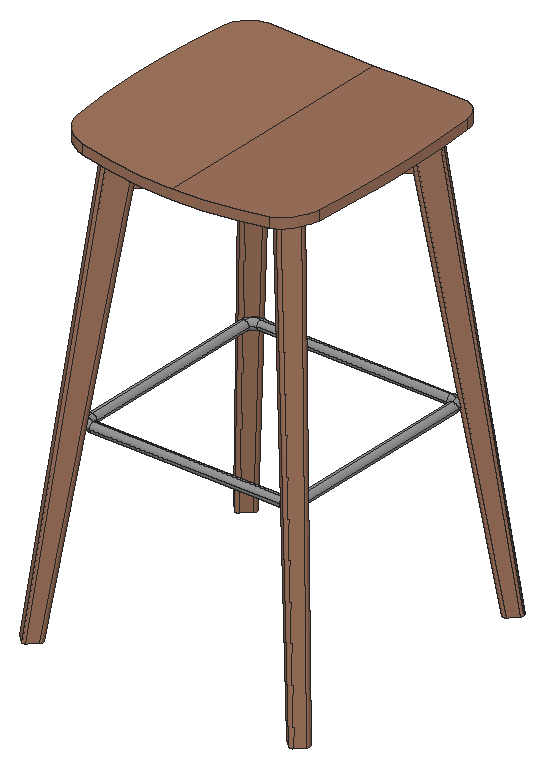
Revit family "FU_Stool_Sandler_Hellen SG01", category Furniture, Revit 2020
Family settings
  OmniClass Number = 23.40.20.00
  OmniClass Title = General Furniture and Specialties
  Work Plane-Based = No
  Always vertical = Yes
  Cut with Voids When Loaded = No
  Shared = No
  Room Calculation Point = No
Parameters (values of type "Hellen SG 01")
  Width = 455 mm
  URL = "https://www.sandlerseating.com/product/hellen-sg01/"
  Model = "Hellen SG 01"
  Manufacturer = "Sandler"
  Height = 715 mm
  Frame [instance] = Wood - Beech - Cherry Wood - V
  Description = "Stool  on a solid beech frame fitted with a stainless steel footrest."
  Depth = 455 mm
  Default Elevation = 0 mm
Reference planes
  plane 1 "Center (Front/Back)": y = 0
  plane 2: z = 0
  plane 3 "Center (Left/Right)": x = 0
  plane 4 "Right": x = -227.5
  plane 5 "Left": x = 227.5
  plane 6 "Back": y = 227.5
  plane 7 "Front": y = -227.5
  plane 8 "Height": z = 715
  plane 9 "Frame Base": z = 630.935
  plane 10 "FLL FRONT": through (210.681, -1524, 0) normal (-0.9934, 0, -0.115)
  plane 11 "FL RIGHT": through (4267.2, -210.681, 0) normal (0, -0.9934, 0.115)
  plane 12 "Footrest RIGHT": z = 297.885
  plane 13 "seat base": z = 685.425
Forms (mm)
  SweptBlend 1, solid, material "Wood - Beech - Cherry Wood - V" <- "Frame"
    path origin (0, -207.895, 24.067) x (0, -0.115, -0.993366) y (1, 0, 0)
      loop
        line (31.02, 211.473) -> (-681.003, 128.529)
    profile origin (211.473, -211.462, -6.747) x (-0.993283, -0.013306, -0.114941) y (0, -0.993366, 0.115)
      loop
        arc (16.658, -4.024) -> (18.122, -0.399) -> (16.528, 3.172) r 5
        line (16.528, 3.172) -> (4.046, 14.786)
        arc (4.046, 14.786) -> (0.55, 16.125) -> (-2.896, 14.661) r 5
        line (-2.896, 14.661) -> (-14.55, 3.007)
        arc (-14.55, 3.007) -> (-16.012, -0.393) -> (-14.736, -3.868) r 5
        line (-14.736, -3.868) -> (-3.338, -16.568)
        arc (-3.338, -16.568) -> (0.248, -18.227) -> (3.918, -16.764) r 5
        line (3.918, -16.764) -> (16.658, -4.024)
    end profile origin (128.529, -129.58, 700.552) x (-0.993283, -0.013306, -0.114941) y (0, -0.993366, 0.115)
      loop
        arc (22.745, -5.755) -> (24.21, -2.22) -> (22.745, 1.316) r 5
        line (22.745, 1.316) -> (-2.013, 26.074)
        arc (-2.013, 26.074) -> (-5.646, 27.537) -> (-9.22, 25.933) r 5
        line (-9.22, 25.933) -> (-26.537, 7.202)
        arc (-26.537, 7.202) -> (-27.864, 3.709) -> (-26.401, 0.272) r 5
        line (-26.401, 0.272) -> (-2.35, -23.779)
        arc (-2.35, -23.779) -> (1.186, -25.244) -> (4.721, -23.779) r 5
        line (4.721, -23.779) -> (22.745, -5.755)
  SweptBlend 2, solid, material "Wood - Beech - Cherry Wood - V" <- "Frame"
    path origin (0, -207.895, 24.067) x (0, -0.115, -0.993366) y (-1, 0, 0)
      loop
        line (31.02, 211.473) -> (-681.003, 128.529)
    profile origin (-211.473, -211.462, -6.747) x (-0.993283, 0.013306, 0.114941) y (0, -0.993366, 0.115)
      loop
        line (-16.658, -4.024) -> (-3.918, -16.764)
        arc (-3.918, -16.764) -> (-0.248, -18.227) -> (3.338, -16.568) r 5
        line (3.338, -16.568) -> (14.736, -3.868)
        arc (14.736, -3.868) -> (16.012, -0.393) -> (14.55, 3.007) r 5
        line (14.55, 3.007) -> (2.896, 14.661)
        arc (2.896, 14.661) -> (-0.55, 16.125) -> (-4.046, 14.786) r 5
        line (-4.046, 14.786) -> (-16.528, 3.172)
        arc (-16.528, 3.172) -> (-18.122, -0.399) -> (-16.658, -4.024) r 5
    end profile origin (-128.529, -129.58, 700.552) x (-0.993283, 0.013306, 0.114941) y (0, -0.993366, 0.115)
      loop
        line (-22.745, -5.755) -> (-4.721, -23.779)
        arc (-4.721, -23.779) -> (-1.186, -25.244) -> (2.35, -23.779) r 5
        line (2.35, -23.779) -> (26.401, 0.272)
        arc (26.401, 0.272) -> (27.864, 3.709) -> (26.537, 7.202) r 5
        line (26.537, 7.202) -> (9.22, 25.933)
        arc (9.22, 25.933) -> (5.646, 27.537) -> (2.013, 26.074) r 5
        line (2.013, 26.074) -> (-22.745, 1.316)
        arc (-22.745, 1.316) -> (-24.21, -2.22) -> (-22.745, -5.755) r 5
  SweptBlend 3, solid, material "Wood - Beech - Cherry Wood - V" <- "Frame"
    path origin (0, 207.895, 24.067) x (0, 0.115, -0.993366) y (-1, 0, 0)
      loop
        line (31.02, -211.473) -> (-681.003, -128.529)
    profile origin (211.473, 211.462, -6.747) x (0.993283, -0.013306, 0.114941) y (0, 0.993366, 0.115)
      loop
        line (-16.658, -4.024) -> (-3.918, -16.764)
        arc (-3.918, -16.764) -> (-0.248, -18.227) -> (3.338, -16.568) r 5
        line (3.338, -16.568) -> (14.736, -3.868)
        arc (14.736, -3.868) -> (16.012, -0.393) -> (14.55, 3.007) r 5
        line (14.55, 3.007) -> (2.896, 14.661)
        arc (2.896, 14.661) -> (-0.55, 16.125) -> (-4.046, 14.786) r 5
        line (-4.046, 14.786) -> (-16.528, 3.172)
        arc (-16.528, 3.172) -> (-18.122, -0.399) -> (-16.658, -4.024) r 5
    end profile origin (128.529, 129.58, 700.552) x (0.993283, -0.013306, 0.114941) y (0, 0.993366, 0.115)
      loop
        line (-22.745, -5.755) -> (-4.721, -23.779)
        arc (-4.721, -23.779) -> (-1.186, -25.244) -> (2.35, -23.779) r 5
        line (2.35, -23.779) -> (26.401, 0.272)
        arc (26.401, 0.272) -> (27.864, 3.709) -> (26.537, 7.202) r 5
        line (26.537, 7.202) -> (9.22, 25.933)
        arc (9.22, 25.933) -> (5.646, 27.537) -> (2.013, 26.074) r 5
        line (2.013, 26.074) -> (-22.745, 1.316)
        arc (-22.745, 1.316) -> (-24.21, -2.22) -> (-22.745, -5.755) r 5
  SweptBlend 4, solid, material "Wood - Beech - Cherry Wood - V" <- "Frame"
    path origin (0, 207.895, 24.067) x (0, 0.115, -0.993366) y (-1, 0, 0)
      loop
        line (31.02, 211.473) -> (-681.003, 128.529)
    profile origin (-211.473, 211.462, -6.747) x (0.993283, 0.013306, -0.114941) y (0, 0.993366, 0.115)
      loop
        arc (16.658, -4.024) -> (18.122, -0.399) -> (16.528, 3.172) r 5
        line (16.528, 3.172) -> (4.046, 14.786)
        arc (4.046, 14.786) -> (0.55, 16.125) -> (-2.896, 14.661) r 5
        line (-2.896, 14.661) -> (-14.55, 3.007)
        arc (-14.55, 3.007) -> (-16.012, -0.393) -> (-14.736, -3.868) r 5
        line (-14.736, -3.868) -> (-3.338, -16.568)
        arc (-3.338, -16.568) -> (0.248, -18.227) -> (3.918, -16.764) r 5
        line (3.918, -16.764) -> (16.658, -4.024)
    end profile origin (-128.529, 129.58, 700.552) x (0.993283, 0.013306, -0.114941) y (0, 0.993366, 0.115)
      loop
        arc (22.745, -5.755) -> (24.21, -2.22) -> (22.745, 1.316) r 5
        line (22.745, 1.316) -> (-2.013, 26.074)
        arc (-2.013, 26.074) -> (-5.646, 27.537) -> (-9.22, 25.933) r 5
        line (-9.22, 25.933) -> (-26.537, 7.202)
        arc (-26.537, 7.202) -> (-27.864, 3.709) -> (-26.401, 0.272) r 5
        line (-26.401, 0.272) -> (-2.35, -23.779)
        arc (-2.35, -23.779) -> (1.186, -25.244) -> (4.721, -23.779) r 5
        line (4.721, -23.779) -> (22.745, -5.755)
  Extrusion 5, solid, material "Wood - Beech - Cherry Wood - V" <- "Frame"
    sketch origin (0, 0, 630.935) x (-1, 0, 0) y (0, -1, 0)
      loop
        line (119.438, -135.526) -> (135.526, -119.438) -> (16.088, 0) -> (135.526, 119.438) -> (119.438, 135.526) -> (0, 16.088) -> (-119.438, 135.526) -> (-135.526, 119.438) -> (-16.088, 0) -> (-135.526, -119.438) -> (-119.438, -135.526) -> (0, -16.088) -> (119.438, -135.526)
    from 0 to 66.334
  Sweep 6, solid, material "Metal - Steel - Polished"
    path origin (0, 0, 297.885) x (0, -1, 0) y (1, 0, 0)
      loop
        arc (164.409, 149.409) -> (160.015, 160.015) -> (149.409, 164.409) r 15
        line (149.409, 164.409) -> (-149.409, 164.409)
        arc (-149.409, 164.409) -> (-160.015, 160.015) -> (-164.409, 149.409) r 15
        line (-164.409, 149.409) -> (-164.409, -149.409)
        arc (-164.409, -149.409) -> (-160.015, -160.015) -> (-149.409, -164.409) r 15
        line (-149.409, -164.409) -> (149.409, -164.409)
        arc (149.409, -164.409) -> (160.015, -160.015) -> (164.409, -149.409) r 15
        line (164.409, -149.409) -> (164.409, 149.409)
    profile "Pro_Circles : 15mm" origin (0, -164.409, 297.885) x (0, -1, 0) y (0, 0, 1)
      loop
        arc (-7.467, 0.067) -> (-5.347, -5.252) -> (-0.067, -7.467) r 7.401
        arc (-0.067, -7.467) -> (5.3, -5.301) -> (7.467, 0.067) r 7.402
        arc (7.467, 0.067) -> (5.252, 5.347) -> (-0.067, 7.467) r 7.401
        arc (-0.067, 7.467) -> (-5.299, 5.299) -> (-7.467, 0.067) r 7.4
  Sweep 7, solid, material "Wood - Beech - Cherry Wood - V" <- "Frame"
    path origin (0, 0, 0) x (0, 1, 0) y (0, 0, 1)
      loop
        line (-227.5, 685.425) -> (227.5, 685.425)
    profile "Pro_Plus_SeatFront : Pro_Plus_SeatFront" origin (0, 0, 685.425) x (0, 0, 1) y (1, 0, 0)
      loop
        arc (0, 0) -> (6.343, -128.159) -> (25.737, -255) r 1255.285
        line (25.737, -255) -> (40.253, -255)
        arc (40.253, -255) -> (21.697, -128.096) -> (15.33, 0) r 1342.99
        arc (15.33, 0) -> (21.697, 128.096) -> (40.253, 255) r 1342.99
        line (40.253, 255) -> (25.737, 255)
        arc (25.737, 255) -> (6.343, 128.159) -> (0, 0) r 1255.285
  Extrusion 8, void
    sketch origin (0, 0, 297.885) x (0, -1, 0) y (1, 0, 0)
      loop
        arc (-189.067, -146.19) -> (-174.594, -175.751) -> (-144.882, -189.912) r 50
        arc (-144.882, -189.912) -> (0, -197.84) -> (144.882, -189.912) r 1327.714
        arc (144.882, -189.912) -> (174.594, -175.751) -> (189.067, -146.19) r 50
        arc (189.067, -146.19) -> (197.84, 0) -> (189.067, 146.19) r 1222.391
        arc (189.067, 146.19) -> (174.594, 175.751) -> (144.882, 189.912) r 50
        arc (144.882, 189.912) -> (0, 197.84) -> (-144.882, 189.912) r 1327.714
        arc (-144.882, 189.912) -> (-174.594, 175.751) -> (-189.067, 146.19) r 50
        arc (-189.067, 146.19) -> (-197.84, 0) -> (-189.067, -146.19) r 1222.391
      loop
        line (-238.252, -267.893) -> (236.748, -267.893) -> (236.748, 267.107) -> (-238.252, 267.107) -> (-238.252, -267.893)
    from 374.415 to 442.612
  Extrusion 9, void
    sketch origin (0, 0, 0) x (1, 0, 0) y (0, 1, 0)
      loop
        line (-230, 230) -> (-230, -230) -> (230, -230) -> (230, 230) -> (-230, 230)
    from -15 to 0
Cuts and joins
  Extrusion 8 cuts Sweep 7
  Extrusion 9 cuts SweptBlend 2
  Extrusion 9 cuts SweptBlend 1
  Extrusion 9 cuts SweptBlend 4
  Extrusion 9 cuts SweptBlend 3
Dimensions and locks
  equal spacing: plane 4 "Right", plane 3 "Center (Left/Right)", plane 5 "Left"
  "Width": plane 4 "Right" to plane 5 "Left"
  equal spacing: plane 6 "Back", plane 1 "Center (Front/Back)", plane 7 "Front"
  "Depth": plane 6 "Back" to plane 7 "Front"
  "Height": plane 8 "Height" to level
  plane 9 "Frame Base" to level = 630.935 mm
  aligned and locked: level to plane 2
Automatic sketch dimensions
  plane 5 "Left" to SweptBlend 1 sketch curve = 98.971 mm
  plane 5 "Left" to SweptBlend 1 sketch curve = 16.027 mm
  SweptBlend 1 sketch curve to SweptBlend 1 sketch curve = 712.023 mm
  SweptBlend 1 sketch curve to plane 11 "FL RIGHT" = 3.868 mm
  profile plane to SweptBlend 1 sketch curve = 14.736 mm
  plane 11 "FL RIGHT" to SweptBlend 1 sketch curve = 3.007 mm
  SweptBlend 1 sketch curve to SweptBlend 1 sketch curve = 0.186 mm
  SweptBlend 1 sketch curve to plane 11 "FL RIGHT" = 0.528 mm
  profile plane to SweptBlend 1 sketch curve = 3.338 mm
  profile plane to SweptBlend 1 sketch curve = 2.896 mm
  SweptBlend 1 sketch curve to profile plane = 0.383 mm
  SweptBlend 1 sketch curve to profile plane = 0.64 mm
  SweptBlend 1 sketch curve to profile plane = 3.918 mm
  SweptBlend 1 sketch curve to profile plane = 4.046 mm
  SweptBlend 1 sketch curve to plane 11 "FL RIGHT" = 0.489 mm
  SweptBlend 1 sketch curve to profile plane = 13.122 mm
  plane 11 "FL RIGHT" to SweptBlend 1 sketch curve = 3.172 mm
  SweptBlend 1 sketch curve to SweptBlend 1 sketch curve = 3.406 mm
  SweptBlend 1 sketch curve to plane 11 "FL RIGHT" = 4.024 mm
  SweptBlend 1 sketch curve to plane 11 "FL RIGHT" = 13.228 mm
  SweptBlend 1 sketch curve to SweptBlend 1 sketch curve = 3.339 mm
  plane 11 "FL RIGHT" to SweptBlend 1 sketch curve = 11.126 mm
  SweptBlend 1 sketch curve to SweptBlend 1 sketch curve = 3.536 mm  (x3)
  plane 11 "FL RIGHT" to SweptBlend 1 sketch curve = 7.202 mm
  profile plane to SweptBlend 1 sketch curve = 26.537 mm
  plane 11 "FL RIGHT" to SweptBlend 1 sketch curve = 0.272 mm
  SweptBlend 1 sketch curve to SweptBlend 1 sketch curve = 0.136 mm
  plane 11 "FL RIGHT" to SweptBlend 1 sketch curve = 3.807 mm
  profile plane to SweptBlend 1 sketch curve = 9.22 mm
  SweptBlend 1 sketch curve to SweptBlend 1 sketch curve = 3.671 mm
  profile plane to SweptBlend 1 sketch curve = 2.35 mm
  profile plane to SweptBlend 1 sketch curve = 2.013 mm
  SweptBlend 1 sketch curve to profile plane = 1.186 mm
  SweptBlend 1 sketch curve to profile plane = 4.721 mm
  SweptBlend 1 sketch curve to plane 11 "FL RIGHT" = 2.22 mm
  SweptBlend 1 sketch curve to profile plane = 19.21 mm
  plane 11 "FL RIGHT" to SweptBlend 1 sketch curve = 1.316 mm
  SweptBlend 1 sketch curve to plane 11 "FL RIGHT" = 5.755 mm
  SweptBlend 1 sketch curve to plane 11 "FL RIGHT" = 20.244 mm
  plane 11 "FL RIGHT" to SweptBlend 1 sketch curve = 22.538 mm
  SweptBlend 1 sketch curve to SweptBlend 1 sketch curve = 3.394 mm
  plane 4 "Right" to SweptBlend 2 sketch curve = 98.971 mm
  plane 4 "Right" to SweptBlend 2 sketch curve = 16.027 mm
  SweptBlend 2 sketch curve to SweptBlend 2 sketch curve = 712.023 mm
  SweptBlend 2 sketch curve to plane 11 "FL RIGHT" = 4.024 mm
  profile plane to SweptBlend 2 sketch curve = 16.658 mm
  plane 11 "FL RIGHT" to SweptBlend 2 sketch curve = 3.172 mm
  SweptBlend 2 sketch curve to SweptBlend 2 sketch curve = 0.13 mm
  SweptBlend 2 sketch curve to plane 11 "FL RIGHT" = 0.489 mm
  profile plane to SweptBlend 2 sketch curve = 4.046 mm
  profile plane to SweptBlend 2 sketch curve = 3.918 mm
  profile plane to SweptBlend 2 sketch curve = 0.64 mm
  profile plane to SweptBlend 2 sketch curve = 0.383 mm
  SweptBlend 2 sketch curve to profile plane = 2.896 mm
  SweptBlend 2 sketch curve to profile plane = 3.338 mm
  SweptBlend 2 sketch curve to plane 11 "FL RIGHT" = 0.528 mm
  SweptBlend 2 sketch curve to profile plane = 11.014 mm
  plane 11 "FL RIGHT" to SweptBlend 2 sketch curve = 3.007 mm
  SweptBlend 2 sketch curve to SweptBlend 2 sketch curve = 3.536 mm  (x6)
  SweptBlend 2 sketch curve to plane 11 "FL RIGHT" = 3.868 mm
  SweptBlend 2 sketch curve to plane 11 "FL RIGHT" = 13.228 mm
  SweptBlend 2 sketch curve to SweptBlend 2 sketch curve = 3.339 mm
  plane 11 "FL RIGHT" to SweptBlend 2 sketch curve = 11.126 mm
  SweptBlend 2 sketch curve to plane 11 "FL RIGHT" = 5.755 mm
  profile plane to SweptBlend 2 sketch curve = 22.745 mm
  plane 11 "FL RIGHT" to SweptBlend 2 sketch curve = 1.316 mm
  SweptBlend 2 sketch curve to SweptBlend 2 sketch curve = 0 mm
  profile plane to SweptBlend 2 sketch curve = 4.721 mm
  profile plane to SweptBlend 2 sketch curve = 1.186 mm
  SweptBlend 2 sketch curve to profile plane = 2.013 mm
  SweptBlend 2 sketch curve to profile plane = 2.35 mm
  SweptBlend 2 sketch curve to SweptBlend 2 sketch curve = 3.671 mm
  plane 11 "FL RIGHT" to SweptBlend 2 sketch curve = 3.807 mm
  SweptBlend 2 sketch curve to profile plane = 22.865 mm
  plane 11 "FL RIGHT" to SweptBlend 2 sketch curve = 0.272 mm
  plane 11 "FL RIGHT" to SweptBlend 2 sketch curve = 7.202 mm
  SweptBlend 2 sketch curve to plane 11 "FL RIGHT" = 20.244 mm
  plane 11 "FL RIGHT" to SweptBlend 2 sketch curve = 22.538 mm
  SweptBlend 2 sketch curve to SweptBlend 2 sketch curve = 3.394 mm
  plane 5 "Left" to SweptBlend 3 sketch curve = 98.971 mm
  plane 5 "Left" to SweptBlend 3 sketch curve = 16.027 mm
  SweptBlend 3 sketch curve to SweptBlend 3 sketch curve = 712.023 mm
  SweptBlend 3 sketch curve to profile plane = 4.024 mm
  profile plane to SweptBlend 3 sketch curve = 16.658 mm
  profile plane to SweptBlend 3 sketch curve = 3.172 mm
  SweptBlend 3 sketch curve to SweptBlend 3 sketch curve = 0.13 mm
  SweptBlend 3 sketch curve to profile plane = 0.489 mm
  profile plane to SweptBlend 3 sketch curve = 4.046 mm
  profile plane to SweptBlend 3 sketch curve = 3.918 mm
  profile plane to SweptBlend 3 sketch curve = 0.64 mm
  profile plane to SweptBlend 3 sketch curve = 0.383 mm
  SweptBlend 3 sketch curve to profile plane = 2.896 mm
  SweptBlend 3 sketch curve to profile plane = 3.338 mm
  SweptBlend 3 sketch curve to profile plane = 0.528 mm
  SweptBlend 3 sketch curve to profile plane = 11.014 mm
  profile plane to SweptBlend 3 sketch curve = 3.007 mm
  SweptBlend 3 sketch curve to SweptBlend 3 sketch curve = 3.536 mm  (x6)
  SweptBlend 3 sketch curve to profile plane = 3.868 mm
  SweptBlend 3 sketch curve to profile plane = 13.228 mm
  SweptBlend 3 sketch curve to SweptBlend 3 sketch curve = 3.339 mm
  profile plane to SweptBlend 3 sketch curve = 11.126 mm
  SweptBlend 3 sketch curve to profile plane = 5.755 mm
  profile plane to SweptBlend 3 sketch curve = 22.745 mm
  profile plane to SweptBlend 3 sketch curve = 1.316 mm
  SweptBlend 3 sketch curve to SweptBlend 3 sketch curve = 0 mm
  profile plane to SweptBlend 3 sketch curve = 4.721 mm
  profile plane to SweptBlend 3 sketch curve = 1.186 mm
  SweptBlend 3 sketch curve to profile plane = 2.013 mm
  SweptBlend 3 sketch curve to profile plane = 2.35 mm
  SweptBlend 3 sketch curve to SweptBlend 3 sketch curve = 3.671 mm
  profile plane to SweptBlend 3 sketch curve = 3.807 mm
  SweptBlend 3 sketch curve to profile plane = 22.865 mm
  profile plane to SweptBlend 3 sketch curve = 0.272 mm
  profile plane to SweptBlend 3 sketch curve = 7.202 mm
  SweptBlend 3 sketch curve to profile plane = 20.244 mm
  profile plane to SweptBlend 3 sketch curve = 22.538 mm
  SweptBlend 3 sketch curve to SweptBlend 3 sketch curve = 3.394 mm
  SweptBlend 4 sketch curve to plane 4 "Right" = 98.971 mm
  SweptBlend 4 sketch curve to plane 4 "Right" = 16.027 mm
  SweptBlend 4 sketch curve to SweptBlend 4 sketch curve = 712.023 mm
  SweptBlend 4 sketch curve to profile plane = 3.868 mm
  profile plane to SweptBlend 4 sketch curve = 14.736 mm
  profile plane to SweptBlend 4 sketch curve = 3.007 mm
  SweptBlend 4 sketch curve to SweptBlend 4 sketch curve = 0.186 mm
  SweptBlend 4 sketch curve to profile plane = 0.528 mm
  profile plane to SweptBlend 4 sketch curve = 3.338 mm
  profile plane to SweptBlend 4 sketch curve = 2.896 mm
  SweptBlend 4 sketch curve to profile plane = 0.383 mm
  SweptBlend 4 sketch curve to profile plane = 0.64 mm
  SweptBlend 4 sketch curve to profile plane = 3.918 mm
  SweptBlend 4 sketch curve to profile plane = 4.046 mm
  SweptBlend 4 sketch curve to profile plane = 0.489 mm
  SweptBlend 4 sketch curve to profile plane = 13.122 mm
  profile plane to SweptBlend 4 sketch curve = 3.172 mm
  SweptBlend 4 sketch curve to SweptBlend 4 sketch curve = 3.406 mm
  SweptBlend 4 sketch curve to profile plane = 4.024 mm
  SweptBlend 4 sketch curve to profile plane = 13.228 mm
  SweptBlend 4 sketch curve to SweptBlend 4 sketch curve = 3.339 mm
  profile plane to SweptBlend 4 sketch curve = 11.126 mm
  SweptBlend 4 sketch curve to SweptBlend 4 sketch curve = 3.536 mm  (x3)
  profile plane to SweptBlend 4 sketch curve = 7.202 mm
  profile plane to SweptBlend 4 sketch curve = 26.537 mm
  profile plane to SweptBlend 4 sketch curve = 0.272 mm
  SweptBlend 4 sketch curve to SweptBlend 4 sketch curve = 0.136 mm
  profile plane to SweptBlend 4 sketch curve = 3.807 mm
  profile plane to SweptBlend 4 sketch curve = 9.22 mm
  SweptBlend 4 sketch curve to SweptBlend 4 sketch curve = 3.671 mm
  profile plane to SweptBlend 4 sketch curve = 2.35 mm
  profile plane to SweptBlend 4 sketch curve = 2.013 mm
  SweptBlend 4 sketch curve to profile plane = 1.186 mm
  SweptBlend 4 sketch curve to profile plane = 4.721 mm
  SweptBlend 4 sketch curve to profile plane = 2.22 mm
  SweptBlend 4 sketch curve to profile plane = 19.21 mm
  profile plane to SweptBlend 4 sketch curve = 1.316 mm
  SweptBlend 4 sketch curve to profile plane = 5.755 mm
  SweptBlend 4 sketch curve to profile plane = 20.244 mm
  profile plane to SweptBlend 4 sketch curve = 22.538 mm
  SweptBlend 4 sketch curve to SweptBlend 4 sketch curve = 3.394 mm
  plane 1 "Center (Front/Back)" to Extrusion 5 sketch curve = 0 mm  (x2)
  Extrusion 5 sketch curve to plane 3 "Center (Left/Right)" = 0 mm  (x2)
  plane 3 "Center (Left/Right)" to Extrusion 5 sketch curve = 16.088 mm
  plane 5 "Left" to Extrusion 5 sketch curve = 108.062 mm  (x2)
  Extrusion 5 sketch curve to Extrusion 5 sketch curve = 16.088 mm  (x3)
  Extrusion 5 sketch curve to plane 3 "Center (Left/Right)" = 16.088 mm
  Extrusion 5 sketch curve to plane 4 "Right" = 108.062 mm
  Extrusion 5 sketch curve to plane 6 "Back" = 91.974 mm
  Sweep 6 sketch curve to plane 6 "Back" = 63.091 mm
  Sweep 6 sketch curve to Sweep 6 sketch curve = 15 mm  (x3)
  plane 7 "Front" to Sweep 6 sketch curve = 78.091 mm  (x2)
  Sweep 6 sketch curve to plane 4 "Right" = 63.091 mm
  plane 5 "Left" to Sweep 6 sketch curve = 78.091 mm
  Sweep 7 sketch curve to plane 7 "Front" = 0 mm
  Sweep 7 sketch curve to plane 6 "Back" = 0 mm
  Sweep 7 sketch curve to plane 13 "seat base" = 0 mm
  Extrusion 8 sketch curve to plane 3 "Center (Left/Right)" = 0 mm  (x2)
  plane 1 "Center (Front/Back)" to Extrusion 8 sketch curve = 0 mm  (x2)
  Extrusion 8 sketch curve to plane 6 "Back" = 88.074 mm  (x2)
  plane 6 "Back" to Extrusion 8 sketch curve = 10.752 mm
  plane 6 "Back" to Extrusion 8 sketch curve = 797.052 mm
  plane 7 "Front" to Extrusion 8 sketch curve = 88.074 mm  (x2)
  Extrusion 8 sketch curve to plane 7 "Front" = 9.248 mm
  Extrusion 8 sketch curve to plane 7 "Front" = 797.052 mm
  Extrusion 8 sketch curve to plane 4 "Right" = 87.29 mm  (x2)
  plane 4 "Right" to Extrusion 8 sketch curve = 40.393 mm
  Extrusion 8 sketch curve to Extrusion 8 sketch curve = 861.981 mm
  plane 5 "Left" to Extrusion 8 sketch curve = 87.29 mm  (x2)
  Extrusion 8 sketch curve to plane 5 "Left" = 39.607 mm
  Extrusion 8 sketch curve to Extrusion 8 sketch curve = 862.766 mm
  plane 5 "Left" to Extrusion 8 sketch curve = 37.588 mm
  Extrusion 8 sketch curve to plane 4 "Right" = 37.588 mm
  Extrusion 8 sketch curve to Extrusion 8 sketch curve = 0 mm  (x6)
  plane 4 "Right" to Extrusion 9 sketch curve = 2.5 mm
  Extrusion 9 sketch curve to plane 5 "Left" = 2.5 mm
  Extrusion 9 sketch curve to plane 7 "Front" = 2.5 mm
  plane 6 "Back" to Extrusion 9 sketch curve = 2.5 mm
